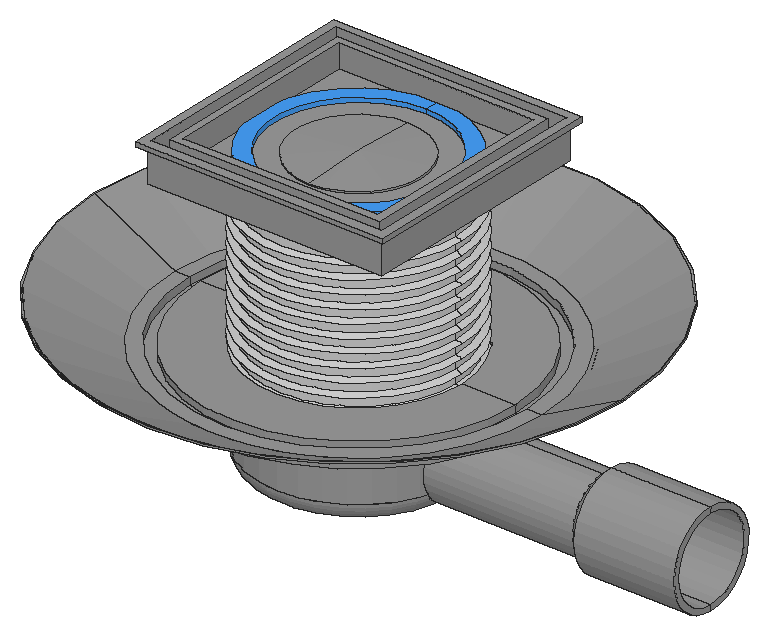
Revit family "HL_RU_Floor drain_HL90Prblue-3020-B-221019", category Instalační zařizovací předměty, Revit 2021
Family settings
  Kóta kulaté spojky = Použít průměr
  Typ dílu = Normální
  Číslo OmniClass = 23.70.50.21.24.14
  Nadpis OmniClass = Deck Waste Water Drains
  Založené na pracovní rovině = Ne
  Vždy vertikální = Ano
  Ořezat dutým tvarem při načtení = Ne
  Sdílené = Ano
  Bod výpočtu místnosti = Ano
Parameters (values of type "HL90Prblue-3020")
  РЕШЁТКА = "Edelstahl 112x112 (104x104X12)"
  РАЗМЕР = "DN40/50"
  ПРОПУСКНАЯ СПОСОБНОСТЬ = 0.43 L/s
  ПРОИЗВОДИТЕЛЬНОСТЬ = "0,5 l/s"
  ПРАВОВАЯ ИНФОРМАЦИЯ = "Авторские права(©), права на дизайн или какие либо другие права интелектуальной собственности являются исключительной собственностью компании HL Hutterer & Lechner. Изменению не подлежит. Файл семейства с данными о прозводителе изделия защищен паролем с водяным знаком."  # constant formula
  НОРМЫ = "EN 1253"
  НОМИНАЛЬНЫЙ ДИАМЕТР = 50 mm
  НАСАДКА = "10-80mm/132x132mm"
  МАТЕРИАЛ = "PP, ABS, Edelstahl"
  МАКСИМАЛЬНАЯ НАГРУЗКА КЛАССА = "K3 - 300 kg"
  ВЫСОТА МОНТАЖА = "89 mm"
  ВЕС = "0,765 [kg]"
  Výchozí výška = 0 mm
  Přípoj ventilace = no
  Výrobce = "HL Hutterer & Lechner GmbH"  # constant formula
  URL = "https://www.hutterer-lechner.com/ru/Products/catalog/Floor-drains/horizontal/flange/HL90Prblue-3020.aspx"
  Přípoj odpadních dílů = yes
  Přípoj HW = no
  Popis = "Трапы для внутренних помещений"
  Model = "HL90Prblue-3020"
  Komentáře k typům = "Трап для внутренних помещений с горизонтальным выпуском DN40/50 с \"СУХИМ\" сифоном и надставным элементом для вклеивания керамической плитки 132х132 мм/112х112 мм"
  Keynote = "HL90Prblue-3020"
  Высота монтажа [instance] = 159 mm
  Přípoj CW = no
  EAN = "9003076050529"
  C [instance] = if(НОМИНАЛЬНЫЙ ДИАМЕТР = 50 mm, 188 mm, 130 mm)  # 188 mm
  B [instance] = Высота монтажа - 19.9 mm  # 139.1 mm
  A [instance] = if(B - 100 mm > 15 mm, B - 100 mm, 15 mm)  # 39.1 mm
Reference planes
  plane 1 "Center (Front/Back)": y = 0
  plane 2: z = 0
  plane 3 "Center (Left/Right)": x = 0
  plane 4 "Ball Joint Vertical": x = 25.45
  plane 5: z = -159
  plane 6: z = -139.1
Lines and regions (mm)
  model lines, style "InvisibleLines"
    curve 1: line (0, 0, 0) -> (0, 0, 1000)
  reference lines
    curve 2: line (0, 0, -139.1) -> (188, 0, -139.1)
  model lines, detail levels coarse+medium
    curve 3: line (0, 0, -139.1) -> (0, 0, -100)
    curve 4: line (0, 0, -100) -> (100, 0, 0)
    curve 5: line (0, 0, -100) -> (-100, 0, 0)
    curve 22: line (0, 0, -139.1) -> (175.9, 0, -139.1)
  symbolic lines, detail levels coarse+medium
    curve 6: line (-75, 75, 0) -> (75, 75, 0)
    curve 7: line (-75, -75, 0) -> (-75, 75, 0)
    curve 8: line (75, -75, 0) -> (-75, -75, 0)
    curve 9: line (75, 75, 0) -> (75, -75, 0)
    curve 10: line (75, 75, 0) -> (145.711, 145.711, 0)
    curve 11: line (75, -75, 0) -> (145.711, -145.711, 0)
    curve 12: line (-75, 75, 0) -> (-145.711, 145.711, 0)
    curve 13: line (-75, -75, 0) -> (-145.711, -145.711, 0)
  symbolic lines, not visible, detail levels coarse+medium
    curve 14: line (-75, 75, 0) -> (75, 75, 0)
    curve 15: line (-75, -75, 0) -> (-75, 75, 0)
    curve 16: line (75, -75, 0) -> (-75, -75, 0)
    curve 17: line (75, 75, 0) -> (75, -75, 0)
    curve 18: line (75, 75, 0) -> (145.711, 145.711, 0)
    curve 19: line (75, -75, 0) -> (145.711, -145.711, 0)
    curve 20: line (-75, 75, 0) -> (-145.711, 145.711, 0)
    curve 21: line (-75, -75, 0) -> (-145.711, -145.711, 0)
Text (mm)
  text "ПОЛ" at (-244.442, 0, -7.554), in view "Drain Construction View"
Dimensions and locks
  locked: plane 4 "Ball Joint Vertical" to plane 3 "Center (Left/Right)" at 25.45
  "Высота монтажа": plane 2 to plane 5
  "A": curve 5 to plane 6
  "B": curve 5 to plane 6
  "B": curve 4 to plane 6
  "B": plane 2 to plane 6
  "C": curve 2 to curve 2
  locked: curve 4 to plane 3 "Center (Left/Right)" (angle 45.00°)
  locked: plane 3 "Center (Left/Right)" to curve 5 (angle 45.00°)
  aligned and locked: level to plane 2
  aligned and locked: plane 2 to curve 1
  aligned and locked: plane 3 "Center (Left/Right)" to curve 1
  aligned and locked: plane 3 "Center (Left/Right)" to curve 2
  aligned and locked: plane 3 "Center (Left/Right)" to curve 3
  aligned and locked: plane 3 "Center (Left/Right)" to curve 5
  aligned and locked: plane 2 to nested 1
  aligned and locked: nested 3 to plane 5
  aligned and locked: curve 22 to curve 2
Automatic sketch dimensions
  plane 4 "Ball Joint Vertical" to curve 22 = 150.45 mm
  level to curve 1 = 1000 mm
  curve 2 to plane 6 = 0 mm
Nested families
  nested 1: "HL_Насадка_HL3020" at (0, 0, 0), type "HL3020_Main Component"
    with Высота монтажа 100 mm, RN 13, RL 84.5 mm, R yes, NL_Test yes, NL 120 mm
  nested 2: "HL_Вкладыш сифона_HL090.5EKK" at (0, 0, -10), type "HL090.5EKK_Main Component"
  nested 3: "HL-Корпус для трапа внутренних помещений-HL90K-3020" at (0, 0, -80), NOMINAL DIAMETER <- "НОМИНАЛЬНЫЙ ДИАМЕТР", type "HL90K-3020_Main Component"
    with NOMINAL DIAMETER 50 mm, LC 0 mm
Connectors
  piping at (188, 0, -139.1), diameter 50, driven by "ПРОПУСКНАЯ СПОСОБНОСТЬ", driven by "НОМИНАЛЬНЫЙ ДИАМЕТР"
    settings: on curve 2, index 1, connector inside diameter 609.6 mm, connector length 0 mm, flow factor 0, pipe flow 0.43 L/s, pressure drop 0.0 Pa, fitting loss kfactor 0, connector angle 0.00°, fixture units 0, engagement length 0 mm, angle of deflection 0.00°, flow configuration 1, flow direction 2, fitting loss method 0, system type 16, joint type 0, gender type 0, connector reference index -1, connector utility 0, adjustable connector yes, is connector primary yes, connector description ""
Definition of nested family "HL_Насадка_HL3020"
  Parameters
    РЕШЁТКА = "112 x 112 mm / ABS-V4A"
    РАЗМЕР = "d 110 mm"
    ПРАВОВАЯ ИНФОРМАЦИЯ = "Авторские права(©), права на дизайн или какие либо другие права интелектуальной собственности являются исключительной собственностью компании HL Hutterer & Lechner. Изменению не подлежит. Файл семейства с данными о прозводителе изделия защищен паролем с водяным знаком."  # constant formula
    НАСАДКА = "132 x 132 mm / PP-V4A"
    МАКСИМАЛЬНАЯ НАГРУЗКА КЛАССА = "K3 - 300 kg"
    Высота монтажа [instance] = 100 mm
    ВЫСОТА МОНТАЖА = "30 - 100 mm (10-80 mm)"
    ВЕС = "0,32 [kg]"
    Waste Connection = yes
    Default Elevation = 0 mm
    Vent Connection = no
    RD = 6.5 mm  # constant formula
    R [instance] = ((Высота монтажа - NL_Min) / RD - 1) > 2  # yes
    RL [instance] = RD * RN  # 84.5 mm
    NL_Test [instance] = and(or(Высота монтажа < NL_Max, Высота монтажа = NL_Max), or(Высота монтажа > NL_Min, Высота монтажа = NL_Min))  # yes
    NL_Min = 30 mm
    NL_Max = 100 mm
    NL [instance] = if(NL_Test, Высота монтажа + 20 mm, 0 mm)  # 120 mm
    RN [instance] = if((Высота монтажа + 20 mm - NL_Min) / RD - 1 < 2, 2, (Высота монтажа + 20 mm - NL_Min) / RD - 1)  # 13
    Manufacturer = "HL Hutterer & Lechner GmbH"  # constant formula
    URL = "http://www.hutterer-lechner.com/ru/products/catalog/floor-drains/attachments/HL3020.aspx"
    HW Connection = no
    Description = "Трапы для внутренних помещений - Комплектующие"
    Model = "HL3020"
    Type Comments = "HL3020 Надставной элемент ?110 мм с подрамником из нержавеющей стали 132х132 мм и вкладышем 112х112 мм для вклеивания керамической плитки"
    Keynote = "HL3020"
    EAN = "9003076034253"
    CW Connection = no
  Reference planes
    plane 1 "Center (Front/Back)": y = 0
    plane 2: z = 0
    plane 3 "Center (Left/Right)": x = 0
    plane 4 "Ball Joint Vertical": x = 25.45
    plane 5: z = -120
  Forms (mm)
    Sweep 1, solid, detail levels fine
      path origin (0, 0, 0) x (1, 0, 0) y (0, 1, 0)
        loop
          line (-66, 66) -> (-66, -66) -> (66, -66) -> (66, 66) -> (-66, 66)
      profile origin (0, 66, 0) x (0, 1, 0) y (0, 0, 1)
        loop
          line (0, 0) -> (-4.35, 0) -> (-4.35, -20.7) -> (-3.55, -20.7) -> (-3.55, -2.5) -> (0, -2.5) -> (0, 0)
        loop
          line (-10, 0) -> (-14, 0) -> (-14, -14) -> (-10, -14) -> (-10, 0)
    Extrusion 2, solid, detail levels fine
      sketch origin (0, 0, 0) x (1, 0, 0) y (0, 1, 0)
        loop
          line (-56, 56) -> (-56, -56) -> (56, -56) -> (56, 56) -> (-56, 56)
      from -12 to -14
    Extrusion 3, solid, detail levels fine
      sketch origin (0, 0, 0) x (1, 0, 0) y (0, 1, 0)
        loop
          line (-61.75, 61.75) -> (-61.75, -61.75) -> (61.75, -61.75) -> (61.75, 61.75) -> (-61.75, 61.75)
      from -20.7 to -19.079
    Revolve 4, solid, detail levels fine
      sketch origin (0, 0, 0) x (1, 0, 0) y (0, 0, 1)
        loop
          line (52, -120) -> (52, -20.7) -> (50.2, -20.7) -> (50.2, -120) -> (52, -120)
        axis (0, -20.7) -> (0, -120)
      angle from 0 to 360
  Lines and regions (mm)
    symbolic lines
      curve 1: line (0, 0, -120) -> (0, 0, 0)
    model lines
      curve 2: line (0, 0, 0) -> (0, 0, 100)
  Text (mm)
    text "ROOF/FLOOR" at (-198.233, 0, -26.556), in view "Drain Construction View"
  Dimensions and locks
    locked: plane 4 "Ball Joint Vertical" to plane 3 "Center (Left/Right)" at 25.45
    "NL": plane 2 to plane 5
    equal spacing: group 1, group 3, group 4, group 5, group 6, group 7, group 8, group 9, group 10, group 11, group 12, group 13, group 2  (x3)
    "RL": nested 2 to nested 1
    locked: nested 1 to plane 5 at 1.516
    aligned and locked: level to plane 2
    aligned and locked: plane 3 "Center (Left/Right)" to nested 1
    aligned and locked: plane 1 "Center (Front/Back)" to nested 1
    aligned and locked: plane 2 to curve 1
    aligned and locked: plane 5 to curve 1
    aligned and locked: Sweep 1 to Revolve 4 sketch curve
    aligned and locked: plane 5 to Revolve 4 sketch curve
  Automatic sketch dimensions
    Sweep 1 sketch curve to plane 3 "Center (Left/Right)" = 66 mm
    plane 4 "Ball Joint Vertical" to Sweep 1 sketch curve = 40.55 mm
    plane 1 "Center (Front/Back)" to Sweep 1 sketch curve = 66 mm
    Sweep 1 sketch curve to plane 1 "Center (Front/Back)" = 66 mm
    Sweep 1 sketch curve to profile plane = 0 mm  (x3)
    profile plane to Sweep 1 sketch curve = 3.55 mm
    Sweep 1 sketch curve to Sweep 1 sketch curve = 0.8 mm
    Sweep 1 sketch curve to Sweep 1 sketch curve = 5.65 mm
    Sweep 1 sketch curve to Sweep 1 sketch curve = 4 mm
    Sweep 1 sketch curve to profile plane = 2.5 mm
    Sweep 1 sketch curve to Sweep 1 sketch curve = 11.5 mm
    Sweep 1 sketch curve to Sweep 1 sketch curve = 6.7 mm
    Extrusion 2 sketch curve to plane 3 "Center (Left/Right)" = 56 mm
    plane 4 "Ball Joint Vertical" to Extrusion 2 sketch curve = 30.55 mm
    plane 1 "Center (Front/Back)" to Extrusion 2 sketch curve = 56 mm
    Extrusion 2 sketch curve to plane 1 "Center (Front/Back)" = 56 mm
    Extrusion 3 sketch curve to plane 3 "Center (Left/Right)" = 61.75 mm
    plane 4 "Ball Joint Vertical" to Extrusion 3 sketch curve = 36.3 mm
    plane 1 "Center (Front/Back)" to Extrusion 3 sketch curve = 61.75 mm
    Extrusion 3 sketch curve to plane 1 "Center (Front/Back)" = 61.75 mm
    Revolve 4 sketch curve to plane 3 "Center (Left/Right)" = 0 mm
    plane 4 "Ball Joint Vertical" to Revolve 4 sketch curve = 24.75 mm
    Revolve 4 sketch curve to Revolve 4 sketch curve = 1.8 mm
    Revolve 4 sketch curve to level = 22.222 mm
    level to Revolve 4 sketch curve = 10 mm
    curve 2 to plane 3 "Center (Left/Right)" = 0 mm
    level to curve 2 = 100 mm
  Nested families
    nested 1: "Ring" at (0, 0, -118.484), visible <- "R", type "Ring"
    nested 2: "Ring" at (0, 0, -33.984), visible <- "R", type "Ring"
    nested 3: "Ring" at (0, 0, -111.442), visible <- "R", type "Ring"
    nested 4: "Ring" at (0, 0, -104.401), visible <- "R", type "Ring"
    nested 5: "Ring" at (0, 0, -97.359), visible <- "R", type "Ring"
    nested 6: "Ring" at (0, 0, -90.317), visible <- "R", type "Ring"
    nested 7: "Ring" at (0, 0, -83.276), visible <- "R", type "Ring"
    nested 8: "Ring" at (0, 0, -76.234), visible <- "R", type "Ring"
    nested 9: "Ring" at (0, 0, -69.192), visible <- "R", type "Ring"
    nested 10: "Ring" at (0, 0, -62.151), visible <- "R", type "Ring"
    nested 11: "Ring" at (0, 0, -55.109), visible <- "R", type "Ring"
    nested 12: "Ring" at (0, 0, -48.067), visible <- "R", type "Ring"
    nested 13: "Ring" at (0, 0, -41.026), visible <- "R", type "Ring"
  Definition of nested family "Ring"
    Parameters (values of type "Ring")
      Manufacturer = ""
      Default Elevation = 0 mm
      URL = ""
      R = D / 2  # 51.5 mm
      Description = ""
      Model = ""
      Material = none
      Type Comments = ""
      D = 103 mm
      Cost = 0
    Reference planes
      plane 1 "Střed (vpředu/vzadu)": y = 0
      plane 2: z = 0
      plane 3 "Střed (vlevo/vpravo)": x = 0
    Forms (mm)
      Revolve 1, solid, material <- "Material", detail levels fine
        sketch origin (0, 0, 0) x (1, 0, 0) y (0, 0, 1)
          loop
            line (-51.5, 1.482) -> (-54.764, 0) -> (-51.5, -1.516) -> (-51.5, 1.482)
          axis (0, 1.482) -> (0, -1.516)
        angle from 0 to 360
    Dimensions and locks
      "R": Revolve 1 sketch curve to plane 3 "Střed (vlevo/vpravo)"
      aligned and locked: level to plane 2
      aligned and locked: Revolve 1 sketch curve to plane 3 "Střed (vlevo/vpravo)"
    Automatic sketch dimensions
      Revolve 1 sketch curve to level = 0 mm
      Revolve 1 sketch curve to Revolve 1 sketch curve = 3.264 mm
      Revolve 1 sketch curve to level = 1.516 mm
      level to Revolve 1 sketch curve = 1.482 mm
      Revolve 1 sketch curve to level = 381 mm
      Revolve 1 sketch curve to Revolve 1 sketch curve = 2212.833 mm
Definition of nested family "HL_Вкладыш сифона_HL090.5EKK"
  Parameters (values of type "HL090.5EKK_Main Component")
    ПРАВОВАЯ ИНФОРМАЦИЯ = "Авторские права(©), права на дизайн или какие либо другие права интелектуальной собственности являются исключительной собственностью компании HL Hutterer & Lechner. Изменению не подлежит. Файл семейства с данными о прозводителе изделия защищен паролем с водяным знаком."  # constant formula
    МАТЕРИАЛ = "PC/ABS"
    ВЕС = "0,11 [kg]"
    Waste Connection = yes
    Default Elevation = 0 mm
    Vent Connection = no
    Manufacturer = "HL Hutterer & Lechner GmbH"  # constant formula
    URL = "https://www.hutterer-lechner.com/ru/Products/catalog/Floor-drains/attachments/HL090.5EKK.aspx"
    HW Connection = no
    Description = "Трапы для внутренних помещений - Комплектующие"
    Model = "HL090.5EKK"
    Type Comments = "\"СУХОЙ\" сифон Primus blue для  системы Klick-Klack"
    Keynote = "HL090.5EKK"
    EAN = "9003076050581"
    CW Connection = no
  Reference planes
    plane 1 "Center (Front/Back)": y = 0
    plane 2: z = 0
    plane 3 "Center (Left/Right)": x = 0
    plane 4 "Ball Joint Vertical": x = 25.45
  Forms (mm)
    Revolve 1, solid, detail levels fine
      sketch origin (0, 0, 0) x (0, 1, 0) y (0, 0, 1)
        loop
          line (-44.7, 0) -> (-53, 0) -> (-53, -2) -> (-49.228, -2) -> (-49.228, -13.214) -> (-46.721, -13.214) -> (-46.721, -20.152) -> (0, -20.152) -> (0, -18.268) -> (-32.15, -18.268) -> (-44.7, -18.268) -> (-44.7, 0)
        axis (0, 0) -> (0, -20.152)
      angle from 0 to 360
    Extrusion 2, solid, detail levels fine
      sketch origin (0, 0, 0) x (1, 0, 0) y (0, 1, 0)
        loop
          line (34.626, 31.41) -> (-34.626, 31.41)
          arc (-34.626, 31.41) -> (-46.75, 0) -> (-34.626, -31.41) r 46.75
          line (-34.626, -31.41) -> (34.626, -31.41)
          arc (34.626, -31.41) -> (46.721, 0) -> (34.626, 31.41) r 46.834
      from -20.152 to -57
    Revolve 3, solid, detail levels fine
      sketch origin (0, 0, 0) x (0, 1, 0) y (0, 0, 1)
        loop
          arc (-49.228, -6.728) -> (-50.709, -8.655) -> (-49.228, -10.583) r 1.995
          line (-49.228, -10.583) -> (-49.228, -6.728)
        axis (0, -6.728) -> (0, -10.583)
      angle from 0 to 360
    Revolve 4, solid, detail levels fine
      sketch origin (0, 0, 0) x (0, 1, 0) y (0, 0, 1)
        loop
          line (0, -18.268) -> (0, 0) -> (-33.004, -1.346) -> (-33.004, -3.231) -> (-32.15, -3.231) -> (-32.15, -18.268) -> (0, -18.268)
        axis (0, 0) -> (0, -18.268)
      angle from 0 to 360
  Text (mm)
    text "ROOF/FLOOR" at (-198.233, 0, -26.556), in view "Drain Construction View"
  Dimensions and locks
    locked: plane 4 "Ball Joint Vertical" to plane 3 "Center (Left/Right)" at 25.45
    aligned and locked: level to plane 2
    aligned and locked: Extrusion 2 to Revolve 1
Definition of nested family "HL-Корпус для трапа внутренних помещений-HL90K-3020"
  Parameters (values of type "HL90K-3020_Main Component")
    РАЗМЕР = "DN40/50"
    ПРОИЗВОДИТЕЛЬНОСТЬ = "0"
    ПРАВОВАЯ ИНФОРМАЦИЯ = "Авторские права(©), права на дизайн или какие либо другие права интелектуальной собственности являются исключительной собственностью компании HL Hutterer & Lechner. Изменению не подлежит. Файл семейства с данными о прозводителе изделия защищен паролем с водяным знаком."  # constant formula
    МАТЕРИАЛ = "PP"
    ВЫСОТА МОНТАЖА = "79 mm"
    ВЕС = "0,414 kg"
    Waste Connection = yes
    Default Elevation = 0 mm
    Vent Connection = no
    Manufacturer = "HL Hutterer & Lechner GmbH"  # constant formula
    URL = "http://www.hutterer-lechner.com/en/Products/catalog/floor-drains/attachments/HL90k-3020.aspx"
    NOMINAL DIAMETER [instance] = 50 mm
    LC [instance] = if(NOMINAL DIAMETER = 40 mm, 58 mm, if(NOMINAL DIAMETER = 50 mm, 0 mm, -2 mm))  # 0 mm
    Assembly Code = "Main Component"
    Keynote = "HL90K-3020"
    HW Connection = no
    Description = "Трапы для внутренних помещений - Комплектующие"
    Model = "HL90K-3020"
    Type Comments = "Корпус трапа для балконов и террас с горизонтальным выпуском DN40/50 для серии 3020, с глубокой монтажной заглушкой"
    EAN = "9003076034314"
    CW Connection = no
  Reference planes
    plane 1 "Center (Front/Back)": y = 0
    plane 2: z = 0
    plane 3 "Center (Left/Right)": x = 0
    plane 4 "Ball Joint Vertical": x = 25.45
  Forms (mm)
    Revolve 1, solid, detail levels fine
      sketch origin (0, 0, 0) x (1, 0, 0) y (0, 0, 1)
        loop
          line (-51, -69) -> (-51, -42) -> (-55.35, -42) -> (-55.35, -22) -> (-84, -22) -> (-84, -26) -> (-90, -26) -> (-90, -22) -> (-97.986, -22) -> (-140.394, 0) -> (-142.408, 0) -> (-100, -22) -> (-100, -26) -> (-93, -26) -> (-93, -29) -> (-58.5, -29) -> (-58.5, -46.5) -> (-54, -46.5) -> (-54, -69)
          arc (-54, -69) -> (-50.792, -76.352) -> (-43.221, -79) r 10.028
          line (-43.221, -79) -> (0, -79) -> (0, -76) -> (-44, -76)
          arc (-44, -76) -> (-48.95, -73.95) -> (-51, -69) r 7
        axis (0, 0) -> (0, -79)
      angle from 0 to 360
    Revolve 2, void
      sketch origin (0, 0, 0) x (1, 0, 0) y (0, 0, 1)
        loop
          line (-141, -1.099) -> (-141, 0.861) -> (-143.007, 0.861) -> (-143.007, -1.099) -> (-141, -1.099)
        axis (0, 0.861) -> (0, -1.099)
      angle from 0 to 360
    Revolve 3, solid, detail levels fine
      sketch origin (0, 0, 0) x (1, 0, 0) y (0, 0, 1)
        loop
          line (40.568, -79) -> (130, -79) -> (135, -84) -> (188, -84) -> (188, -81) -> (136.243, -81) -> (131.243, -76) -> (40.568, -76) -> (40.568, -79)
        axis (188, -59.059) -> (40.568, -59.059)
      angle from 0 to 360
    Revolve 4, void
      sketch origin (0, 0, 0) x (1, 0, 0) y (0, 0, 1)
        loop
          line (51, -68.972) -> (51, -69.773) -> (55.35, -69.773) -> (55.35, -21.972) -> (45.35, -21.972) -> (45.35, -22.68) -> (41, -22.68) -> (41, -65.972) -> (0, -65.972) -> (0, -75.972) -> (44, -75.972)
          arc (44, -75.972) -> (48.95, -73.922) -> (51, -68.972) r 7
        axis (0, -21.972) -> (0, -75.972)
      angle from -37.396 to 53.719
    Revolve 5, void
      sketch origin (0, 0, 0) x (1, 0, 0) y (0, 0, 1)
        loop
          line (55.35, -22) -> (20.35, -22) -> (20.35, -76) -> (44, -76)
          arc (44, -76) -> (48.95, -73.95) -> (51, -69) r 7
          line (51, -69) -> (51, -46.5) -> (55.35, -46.5) -> (55.35, -22)
        axis (0, -22) -> (0, -76)
      angle from 0 to 360
    Extrusion 6, void
      sketch origin (188, 0, -59.059) x (0, 0, 1) y (0, 1, 0)
        loop
          circle (0, 0) r 24.941
      from -2 to 0 <- "LC"
  Cuts and joins
    Revolve 2 cuts Revolve 1
    Revolve 5, Extrusion 6 cuts Revolve 3
  Lines and regions (mm)
    model lines, detail levels fine
      curve 1: line (-10, 8.425, -75.6) -> (-18, 8.425, -75.6)
      curve 2: line (-19, 7.425, -75.6) -> (-19, 3.675, -75.6)
      curve 3: line (-18, 2.675, -75.6) -> (-14.325, 2.675, -75.6)
      curve 4: line (-13.325, 3.675, -75.6) -> (-13.325, 5.925, -75.6)
      curve 5: arc (-12.575, 6.675, -75.6) -> (-13.105, 6.455, -75.6) -> (-13.325, 5.925, -75.6) r 0.75
      curve 6: line (-12.575, 6.675, -75.6) -> (-11.5, 6.675, -75.6)
      curve 7: line (-10.75, 5.925, -75.6) -> (-10.75, 3.425, -75.6)
      curve 8: arc (-10.75, 3.425, -75.6) -> (-10.53, 2.895, -75.6) -> (-10, 2.675, -75.6) r 0.75
      curve 9: arc (-9.75, 2.675, -75.6) -> (-9.22, 2.895, -75.6) -> (-9, 3.425, -75.6) r 0.75
      curve 10: line (-9, 3.425, -75.6) -> (-9, 7.425, -75.6)
      curve 11: arc (-10.75, 5.925, -75.6) -> (-10.97, 6.455, -75.6) -> (-11.5, 6.675, -75.6) r 0.75
      curve 12: arc (-14.325, 2.675, -75.6) -> (-13.618, 2.968, -75.6) -> (-13.325, 3.675, -75.6) r 1
      curve 13: arc (-19, 3.675, -75.6) -> (-18.707, 2.968, -75.6) -> (-18, 2.675, -75.6) r 1
      curve 14: arc (-17.25, 5.175, -75.6) -> (-17.03, 4.645, -75.6) -> (-16.5, 4.425, -75.6) r 0.75
      curve 15: arc (-16.5, 6.675, -75.6) -> (-17.03, 6.455, -75.6) -> (-17.25, 5.925, -75.6) r 0.75
      curve 16: arc (-15.075, 5.925, -75.6) -> (-15.295, 6.455, -75.6) -> (-15.825, 6.675, -75.6) r 0.75
      curve 17: arc (-15.825, 4.425, -75.6) -> (-15.295, 4.645, -75.6) -> (-15.075, 5.175, -75.6) r 0.75
      curve 18: arc (-18, 8.425, -75.6) -> (-18.707, 8.132, -75.6) -> (-19, 7.425, -75.6) r 1
      curve 19: arc (-9, 7.425, -75.6) -> (-9.293, 8.132, -75.6) -> (-10, 8.425, -75.6) r 1
      curve 20: line (-16.5, 6.675, -75.6) -> (-15.825, 6.675, -75.6)
      curve 21: line (-15.075, 5.925, -75.6) -> (-15.075, 5.175, -75.6)
      curve 22: line (-15.825, 4.425, -75.6) -> (-16.5, 4.425, -75.6)
      curve 23: line (-17.25, 5.175, -75.6) -> (-17.25, 5.925, -75.6)
      curve 24: line (-10, 2.675, -75.6) -> (-9.75, 2.675, -75.6)
      curve 25: line (-11.5, 16.225, -75.6) -> (-16.5, 16.225, -75.6)
      curve 26: line (-16.5, 14.475, -75.6) -> (-11.5, 14.475, -75.6)
      curve 27: line (-11.5, 11.975, -75.6) -> (-16.5, 11.975, -75.6)
      curve 28: arc (-16.5, 14.475, -75.6) -> (-17.03, 14.255, -75.6) -> (-17.25, 13.725, -75.6) r 0.75
      curve 29: line (-17.25, 12.725, -75.6) -> (-17.25, 13.725, -75.6)
      curve 30: arc (-17.25, 12.725, -75.6) -> (-17.03, 12.195, -75.6) -> (-16.5, 11.975, -75.6) r 0.75
      curve 31: arc (-11.5, 11.975, -75.6) -> (-10.97, 12.195, -75.6) -> (-10.75, 12.725, -75.6) r 0.75
      curve 32: line (-10.75, 13.725, -75.6) -> (-10.75, 12.725, -75.6)
      curve 33: arc (-10.75, 13.725, -75.6) -> (-10.97, 14.255, -75.6) -> (-11.5, 14.475, -75.6) r 0.75
      curve 34: arc (-9, 13.725, -75.6) -> (-9.732, 15.493, -75.6) -> (-11.5, 16.225, -75.6) r 2.5
      curve 35: line (-9, 12.725, -75.6) -> (-9, 13.725, -75.6)
      curve 36: arc (-11.5, 10.225, -75.6) -> (-9.732, 10.957, -75.6) -> (-9, 12.725, -75.6) r 2.5
      curve 37: line (-16.5, 10.225, -75.6) -> (-11.5, 10.225, -75.6)
      curve 38: arc (-19, 12.725, -75.6) -> (-18.268, 10.957, -75.6) -> (-16.5, 10.225, -75.6) r 2.5
      curve 39: arc (-16.5, 16.225, -75.6) -> (-18.268, 15.493, -75.6) -> (-19, 13.725, -75.6) r 2.5
      curve 40: line (-19, 13.725, -75.6) -> (-19, 12.725, -75.6)
      curve 41: line (-18.25, -16.225, -75.6) -> (-9.75, -16.225, -75.6)
      curve 42: line (-15.625, -14.475, -75.6) -> (-18.25, -14.475, -75.6)
      curve 43: line (-9.75, -14.475, -75.6) -> (-12.375, -14.475, -75.6)
      curve 44: arc (-9, -15.225, -75.6) -> (-9.22, -14.695, -75.6) -> (-9.75, -14.475, -75.6) r 0.75
      curve 45: arc (-9.75, -16.225, -75.6) -> (-9.22, -16.005, -75.6) -> (-9, -15.475, -75.6) r 0.75
      curve 46: arc (-19, -15.475, -75.6) -> (-18.78, -16.005, -75.6) -> (-18.25, -16.225, -75.6) r 0.75
      curve 47: arc (-18.25, -14.475, -75.6) -> (-18.78, -14.695, -75.6) -> (-19, -15.225, -75.6) r 0.75
      curve 48: arc (-15.625, -14.475, -75.6) -> (-15.095, -14.255, -75.6) -> (-14.875, -13.725, -75.6) r 0.75
      curve 49: arc (-13.125, -13.725, -75.6) -> (-12.905, -14.255, -75.6) -> (-12.375, -14.475, -75.6) r 0.75
      curve 50: line (-13.125, -13.725, -75.6) -> (-13.125, -10.725, -75.6)
      curve 51: line (-14.875, -10.725, -75.6) -> (-14.875, -13.725, -75.6)
      curve 52: arc (-14.875, -10.725, -75.6) -> (-15.095, -10.195, -75.6) -> (-15.625, -9.975, -75.6) r 0.75
      curve 53: line (-18.25, -9.975, -75.6) -> (-15.625, -9.975, -75.6)
      curve 54: arc (-12.375, -9.975, -75.6) -> (-12.905, -10.195, -75.6) -> (-13.125, -10.725, -75.6) r 0.75
      curve 55: line (-12.375, -9.975, -75.6) -> (-9.75, -9.975, -75.6)
      curve 56: arc (-9.75, -9.975, -75.6) -> (-9.22, -9.755, -75.6) -> (-9, -9.225, -75.6) r 0.75
      curve 57: arc (-9, -8.975, -75.6) -> (-9.22, -8.445, -75.6) -> (-9.75, -8.225, -75.6) r 0.75
      curve 58: line (-9.75, -8.225, -75.6) -> (-18.25, -8.225, -75.6)
      curve 59: arc (-18.25, -8.225, -75.6) -> (-18.78, -8.445, -75.6) -> (-19, -8.975, -75.6) r 0.75
      curve 60: arc (-19, -9.225, -75.6) -> (-18.78, -9.755, -75.6) -> (-18.25, -9.975, -75.6) r 0.75
      curve 61: arc (-19, -5.675, -75.6) -> (-18.78, -6.205, -75.6) -> (-18.25, -6.425, -75.6) r 0.75
      curve 62: arc (-18.25, -4.675, -75.6) -> (-18.78, -4.895, -75.6) -> (-19, -5.425, -75.6) r 0.75
      curve 63: line (-11.5, -4.675, -75.6) -> (-18.25, -4.675, -75.6)
      curve 64: arc (-11.5, -4.675, -75.6) -> (-10.97, -4.455, -75.6) -> (-10.75, -3.925, -75.6) r 0.75
      curve 65: line (-10.75, -0.675, -75.6) -> (-10.75, -3.925, -75.6)
      curve 66: arc (-10, 0.075, -75.6) -> (-10.53, -0.145, -75.6) -> (-10.75, -0.675, -75.6) r 0.75
      curve 67: arc (-9, -0.675, -75.6) -> (-9.22, -0.145, -75.6) -> (-9.75, 0.075, -75.6) r 0.75
      curve 68: line (-9, -5.675, -75.6) -> (-9, -0.675, -75.6)
      curve 69: arc (-9.75, -6.425, -75.6) -> (-9.22, -6.205, -75.6) -> (-9, -5.675, -75.6) r 0.75
      curve 70: line (-18.25, -6.425, -75.6) -> (-9.75, -6.425, -75.6)
      curve 71: line (-19, -5.675, -75.6) -> (-19, -5.425, -75.6)
      curve 72: line (-9.75, 0.075, -75.6) -> (-10, 0.075, -75.6)
      curve 73: line (-9, -8.975, -75.6) -> (-9, -9.225, -75.6)
      curve 74: line (-9, -15.225, -75.6) -> (-9, -15.475, -75.6)
      curve 75: line (-19, -15.475, -75.6) -> (-19, -15.225, -75.6)
      curve 76: line (-19, -9.225, -75.6) -> (-19, -8.975, -75.6)
  Text (mm)
    text "ROOF/FLOOR" at (-198.233, 0, -26.556), in view "Drain Construction View"
  Dimensions and locks
    locked: plane 4 "Ball Joint Vertical" to plane 3 "Center (Left/Right)" at 25.45
    aligned and locked: level to plane 2
